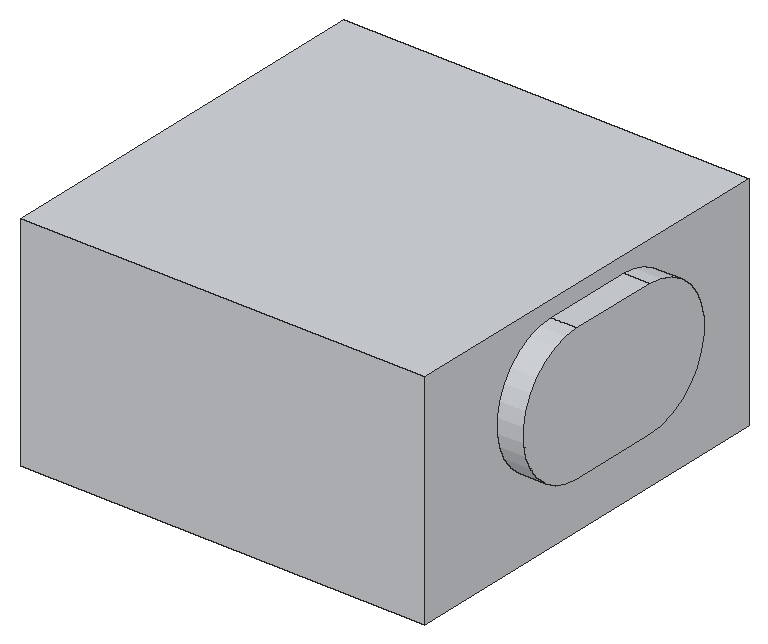
Revit family "Difusor de suprimento com Plenum- Quadrado - Linear - Entrada oval horizontal", category Terminais de ar, Revit 2019
Family settings
  Cota do conector redondo = Utilizar diâmetro
  Tipo de parte = Normal
  ID de item do Seek = Supply Diffuser - Rectangular Face Round Neck-0000-CAN-ENU
  Com base no plano de trabalho = Não
  Sempre na vertical = Sim
  Corte com vazios quando carregada = Não
  Compartilhado = Não
  Ponto de cálculo do ambiente = Não
Parameters (values of type "1050mm")
  Raio oval = Altura do duto oval / 2  # 175.0 mm
  Largura do duto oval = 585 mm
  Altura do duto oval = 350 mm
  Espaçamento da lâmina = (Largura - 75.0 mm) * 1 / 20  # 48.75 mm
  Altura = 575.0 mm
  Comprimento do macho de torneira = 70.0 mm
  Altura de conexão da torneira = 185.0 mm  # constant formula
  Queda de pressão [instance] = 0.0 Pa
  UpFlowArrow [instance] = yes
  Largura = 1050.0 mm
  RightFlowArrow [instance] = yes
  LeftFlowArrow [instance] = yes
  Fluxo [instance] = 0.0 L/s
  DownFlowArrow [instance] = yes
  Material do difusor = none
  Assembly Code = ""
Types (2, lengths in mm): name | Largura do duto oval | Espaçamento da lâmina | Largura
  775mm | 506 | 35.0 | 775.0
  1050mm | 585 | 48.75 | 1050.0
Reference planes
  plane 1 "Centro (frente/trás)": y = 0
  plane 2: z = 0
  plane 3 "Centro (direita/esquerda)": x = 0
  plane 4: x = 457.2
  plane 5: y = 457.2
  plane 6: x = -457.2
  plane 7: y = -457.2
  plane 8 "Inferior": z = 0
  plane 9 "Esquerda": x = -525
  plane 10 "Direita": x = 525
  plane 11 "Parte posterior": y = 525
  plane 12 "Parte frontal": y = -525
  plane 13 "Superior": z = 575
  plane 14 "Parte inferior da torneira oval": z = 185
  plane 15 "Torneira direita": x = 595
  plane 16 "Traseira da aba": y = 500
  plane 17 "Esquerda da aba": x = -500
  plane 18 "Direita da aba": x = 500
  plane 19 "Frente da aba": y = -500
  plane 20 "Esquerda do centro da aba": x = -12.5
  plane 21 "Direita do centro da aba": x = 12.5
  plane 22 "Traseira do centro da aba": y = 12.5
  plane 23 "Frente do centro da aba": y = -12.5
  plane 24: x = -451.25
  plane 25: x = -402.5
  plane 26: x = -353.75
  plane 27: x = -305
  plane 28: x = -256.25
  plane 29: x = -207.5
  plane 30: x = -158.75
  plane 31: x = -110
  plane 32: x = -61.25
  plane 33: x = 61.25
  plane 34: x = 110
  plane 35: x = 158.75
  plane 36: x = 207.5
  plane 37: x = 256.25
  plane 38: x = 305
  plane 39: x = 353.75
  plane 40: x = 402.5
  plane 41: x = 451.25
  plane 42: y = -61.25
  plane 43: y = -110
  plane 44: y = -158.75
  plane 45: y = -207.5
  plane 46: y = -256.25
  plane 47: y = -305
  plane 48: y = -353.75
  plane 49: y = -402.5
  plane 50: y = -451.25
  plane 51: y = 451.25
  plane 52: y = 402.5
  plane 53: y = 353.75
  plane 54: y = 305
  plane 55: y = 256.25
  plane 56: y = 207.5
  plane 57: y = 158.75
  plane 58: y = 110
  plane 59: y = 61.25
  plane 60 "Topo da torneira oval": z = 535
  plane 61 "Esquerda do duto oval": y = -292.5
  plane 62 "Direita do duto oval": y = 292.5
  plane 63: z = 360
  plane 64: y = -117.5
  plane 65: y = 117.5
Forms (mm)
  Extrusion 1, solid, material <- "Material do difusor"
    sketch origin (0, 0, 0) x (1, 0, 0) y (0, 1, 0)
      loop
        line (-525, 525) -> (-525, -525) -> (525, -525) -> (525, 525) -> (-525, 525)
    from 0 to 575
  Extrusion 2, solid, material <- "Material do difusor"
    sketch origin (525, 0, 0) x (0, 1, 0) y (0, 0, -1)
      loop
        line (-117.5, -535) -> (117.5, -535)
        arc (117.5, -535) -> (292.5, -360) -> (117.5, -185) r 175
        line (117.5, -185) -> (-117.5, -185)
        arc (-117.5, -185) -> (-292.5, -360) -> (-117.5, -535) r 175
    from 0 to -70
Lines and regions (mm)
  symbolic lines
    curve 1: line (-525, 525, 0) -> (525, 525, 0)
    curve 2: line (525, 525, 0) -> (525, -525, 0)
    curve 3: line (525, -525, 0) -> (-525, -525, 0)
    curve 4: line (-525, -525, 0) -> (-525, 525, 0)
    curve 5: line (-525, 525, 0) -> (525, -525, 0)
    curve 6: line (-525, -525, 0) -> (525, 525, 0)
  model lines
    curve 7: line (-451.25, 12.5, 0) -> (-451.25, 500, 0)
    curve 8: line (-402.5, 500, 0) -> (-402.5, 12.5, 0)
    curve 9: line (-353.75, 500, 0) -> (-353.75, 12.5, 0)
    curve 10: line (-305, 500, 0) -> (-305, 12.5, 0)
    curve 11: line (-256.25, 500, 0) -> (-256.25, 12.5, 0)
    curve 12: line (-207.5, 500, 0) -> (-207.5, 12.5, 0)
    curve 13: line (-158.75, 500, 0) -> (-158.75, 12.5, 0)
    curve 14: line (-110, 500, 0) -> (-110, 12.5, 0)
    curve 15: line (-61.25, 500, 0) -> (-61.25, 12.5, 0)
    curve 16: line (-12.5, 500, 0) -> (-12.5, 12.5, 0)
    curve 17: line (12.5, 12.5, 0) -> (500, 12.5, 0)
    curve 18: line (12.5, 61.25, 0) -> (500, 61.25, 0)
    curve 19: line (12.5, 110, 0) -> (500, 110, 0)
    curve 20: line (12.5, 158.75, 0) -> (500, 158.75, 0)
    curve 21: line (12.5, 207.5, 0) -> (500, 207.5, 0)
    curve 22: line (12.5, 256.25, 0) -> (500, 256.25, 0)
    curve 23: line (12.5, 305, 0) -> (500, 305, 0)
    curve 24: line (12.5, 353.75, 0) -> (500, 353.75, 0)
    curve 25: line (12.5, 402.5, 0) -> (500, 402.5, 0)
    curve 26: line (12.5, 451.25, 0) -> (500, 451.25, 0)
    curve 27: line (-500, 12.5, 0) -> (-500, 500, 0)
    curve 28: line (12.5, 500, 0) -> (500, 500, 0)
    curve 29: line (12.5, -500, 0) -> (12.5, -12.5, 0)
    curve 30: line (61.25, -500, 0) -> (61.25, -12.5, 0)
    curve 31: line (110, -500, 0) -> (110, -12.5, 0)
    curve 32: line (158.75, -500, 0) -> (158.75, -12.5, 0)
    curve 33: line (207.5, -500, 0) -> (207.5, -12.5, 0)
    curve 34: line (256.25, -500, 0) -> (256.25, -12.5, 0)
    curve 35: line (305, -500, 0) -> (305, -12.5, 0)
    curve 36: line (353.75, -500, 0) -> (353.75, -12.5, 0)
    curve 37: line (402.5, -500, 0) -> (402.5, -12.5, 0)
    curve 38: line (451.25, -500, 0) -> (451.25, -12.5, 0)
    curve 39: line (500, -500, 0) -> (500, -12.5, 0)
    curve 40: line (-500, -500, 0) -> (-12.5, -500, 0)
    curve 41: line (-500, -451.25, 0) -> (-12.5, -451.25, 0)
    curve 42: line (-500, -402.5, 0) -> (-12.5, -402.5, 0)
    curve 43: line (-500, -353.75, 0) -> (-12.5, -353.75, 0)
    curve 44: line (-500, -305, 0) -> (-12.5, -305, 0)
    curve 45: line (-500, -256.25, 0) -> (-12.5, -256.25, 0)
    curve 46: line (-500, -207.5, 0) -> (-12.5, -207.5, 0)
    curve 47: line (-500, -158.75, 0) -> (-12.5, -158.75, 0)
    curve 48: line (-500, -110, 0) -> (-12.5, -110, 0)
    curve 49: line (-500, -61.25, 0) -> (-12.5, -61.25, 0)
    curve 50: line (-500, -12.5, 0) -> (-12.5, -12.5, 0)
Dimensions and locks
  "Largura": nested 3 to plane 3 "Centro (direita/esquerda)"
  "Largura": nested 2 to plane 1 "Centro (frente/trás)"
  "Largura": plane 3 "Centro (direita/esquerda)" to nested 1
  "Largura": nested 4 to plane 1 "Centro (frente/trás)"
  equal spacing: plane 12 "Parte frontal", plane 1 "Centro (frente/trás)", plane 11 "Parte posterior"
  "Largura": plane 11 "Parte posterior" to plane 12 "Parte frontal"
  equal spacing: plane 9 "Esquerda", plane 3 "Centro (direita/esquerda)", plane 10 "Direita"
  "Largura": plane 9 "Esquerda" to plane 10 "Direita"
  "Comprimento do macho de torneira": plane 10 "Direita" to plane 15 "Torneira direita"
  "Altura": plane 13 "Superior" to plane 8 "Inferior"
  "Altura de conexão da torneira": plane 14 "Parte inferior da torneira oval" to plane 8 "Inferior"
  locked: plane 11 "Parte posterior" to plane 16 "Traseira da aba" at 25
  locked: plane 12 "Parte frontal" to plane 19 "Frente da aba" at 25
  locked: plane 9 "Esquerda" to plane 17 "Esquerda da aba" at 25
  locked: plane 18 "Direita da aba" to plane 10 "Direita" at 25
  equal spacing: plane 20 "Esquerda do centro da aba", plane 3 "Centro (direita/esquerda)", plane 21 "Direita do centro da aba"
  locked: plane 3 "Centro (direita/esquerda)" to plane 21 "Direita do centro da aba" at 12.5
  locked: plane 22 "Traseira do centro da aba" to nested 3 at 12.5
  equal spacing: plane 23 "Frente do centro da aba", nested 3, plane 22 "Traseira do centro da aba"
  "Espaçamento da lâmina": plane 17 "Esquerda da aba" to plane 24
  "Espaçamento da lâmina": plane 24 to plane 25
  "Espaçamento da lâmina": plane 25 to plane 26
  "Espaçamento da lâmina": plane 26 to plane 27
  "Espaçamento da lâmina": plane 27 to plane 28
  "Espaçamento da lâmina": plane 28 to plane 29
  "Espaçamento da lâmina": plane 29 to plane 30
  "Espaçamento da lâmina": plane 30 to plane 31
  "Espaçamento da lâmina": plane 31 to plane 32
  "Espaçamento da lâmina": plane 33 to plane 34
  "Espaçamento da lâmina": plane 34 to plane 35
  "Espaçamento da lâmina": plane 35 to plane 36
  "Espaçamento da lâmina": plane 36 to plane 37
  "Espaçamento da lâmina": plane 37 to plane 38
  "Espaçamento da lâmina": plane 38 to plane 39
  "Espaçamento da lâmina": plane 39 to plane 40
  "Espaçamento da lâmina": plane 40 to plane 41
  "Espaçamento da lâmina": plane 42 to plane 43
  "Espaçamento da lâmina": plane 43 to plane 44
  "Espaçamento da lâmina": plane 44 to plane 45
  "Espaçamento da lâmina": plane 45 to plane 46
  "Espaçamento da lâmina": plane 46 to plane 47
  "Espaçamento da lâmina": plane 47 to plane 48
  "Espaçamento da lâmina": plane 48 to plane 49
  "Espaçamento da lâmina": plane 49 to plane 50
  "Espaçamento da lâmina": plane 19 "Frente da aba" to plane 50
  "Espaçamento da lâmina": plane 51 to plane 52
  "Espaçamento da lâmina": plane 52 to plane 53
  "Espaçamento da lâmina": plane 53 to plane 54
  "Espaçamento da lâmina": plane 54 to plane 55
  "Espaçamento da lâmina": plane 55 to plane 56
  "Espaçamento da lâmina": plane 56 to plane 57
  "Espaçamento da lâmina": plane 57 to plane 58
  "Espaçamento da lâmina": plane 58 to plane 59
  "Espaçamento da lâmina": plane 41 to plane 18 "Direita da aba"
  "Espaçamento da lâmina": plane 51 to plane 16 "Traseira da aba"
  equal spacing: plane 61 "Esquerda do duto oval", plane 1 "Centro (frente/trás)", plane 62 "Direita do duto oval"
  "Largura do duto oval": plane 61 "Esquerda do duto oval" to plane 62 "Direita do duto oval"
  equal spacing: plane 60 "Topo da torneira oval", plane 63, plane 14 "Parte inferior da torneira oval"
  "Altura do duto oval": plane 60 "Topo da torneira oval" to plane 14 "Parte inferior da torneira oval"
  "Raio oval": plane 61 "Esquerda do duto oval" to plane 64
  "Raio oval": plane 65 to plane 62 "Direita do duto oval"
  aligned and locked: plane 3 "Centro (direita/esquerda)" to nested 2
  aligned and locked: plane 1 "Centro (frente/trás)" to nested 1
  aligned and locked: nested 4 to plane 3 "Centro (direita/esquerda)"
  aligned and locked: nested 3 to plane 1 "Centro (frente/trás)"
  aligned and locked: plane 2 to plane 8 "Inferior"
  aligned and locked: plane 13 "Superior" to Extrusion 1
  aligned and locked: Extrusion 1 sketch curve to plane 9 "Esquerda"
  aligned and locked: Extrusion 1 sketch curve to plane 11 "Parte posterior"
  aligned and locked: Extrusion 1 sketch curve to plane 12 "Parte frontal"
  aligned and locked: Extrusion 1 sketch curve to plane 10 "Direita"
  aligned and locked: Extrusion 1 to plane 13 "Superior"
  aligned and locked: Extrusion 1 to plane 8 "Inferior"
  aligned and locked: plane 16 "Traseira da aba" to curve 7
  aligned and locked: plane 22 "Traseira do centro da aba" to curve 7
  aligned and locked: curve 7 to plane 24
  aligned and locked: curve 8 to plane 25
  aligned and locked: curve 9 to plane 26
  aligned and locked: curve 10 to plane 27
  aligned and locked: curve 11 to plane 28
  aligned and locked: curve 12 to plane 29
  aligned and locked: curve 13 to plane 30
  aligned and locked: curve 14 to plane 31
  aligned and locked: curve 15 to plane 32
  aligned and locked: curve 16 to plane 20 "Esquerda do centro da aba"
  aligned and locked: plane 16 "Traseira da aba" to curve 8
  aligned and locked: plane 16 "Traseira da aba" to curve 9
  aligned and locked: plane 16 "Traseira da aba" to curve 10
  aligned and locked: plane 16 "Traseira da aba" to curve 11
  aligned and locked: plane 16 "Traseira da aba" to curve 12
  aligned and locked: plane 16 "Traseira da aba" to curve 13
  aligned and locked: plane 16 "Traseira da aba" to curve 14
  aligned and locked: plane 16 "Traseira da aba" to curve 15
  aligned and locked: plane 16 "Traseira da aba" to curve 16
  aligned and locked: plane 22 "Traseira do centro da aba" to curve 8
  aligned and locked: plane 22 "Traseira do centro da aba" to curve 9
  aligned and locked: plane 22 "Traseira do centro da aba" to curve 10
  aligned and locked: plane 22 "Traseira do centro da aba" to curve 11
  aligned and locked: plane 22 "Traseira do centro da aba" to curve 12
  aligned and locked: plane 22 "Traseira do centro da aba" to curve 13
  aligned and locked: plane 22 "Traseira do centro da aba" to curve 14
  aligned and locked: plane 22 "Traseira do centro da aba" to curve 15
  aligned and locked: plane 22 "Traseira do centro da aba" to curve 16
  aligned and locked: plane 21 "Direita do centro da aba" to curve 17
  aligned and locked: plane 21 "Direita do centro da aba" to curve 18
  aligned and locked: plane 21 "Direita do centro da aba" to curve 19
  aligned and locked: plane 21 "Direita do centro da aba" to curve 20
  aligned and locked: plane 21 "Direita do centro da aba" to curve 21
  aligned and locked: plane 21 "Direita do centro da aba" to curve 22
  aligned and locked: plane 21 "Direita do centro da aba" to curve 23
  aligned and locked: plane 21 "Direita do centro da aba" to curve 24
  aligned and locked: plane 21 "Direita do centro da aba" to curve 25
  aligned and locked: plane 21 "Direita do centro da aba" to curve 26
  aligned and locked: plane 17 "Esquerda da aba" to curve 27
  aligned and locked: plane 16 "Traseira da aba" to curve 27
  aligned and locked: plane 22 "Traseira do centro da aba" to curve 27
  aligned and locked: plane 18 "Direita da aba" to curve 17
  aligned and locked: plane 18 "Direita da aba" to curve 18
  aligned and locked: plane 18 "Direita da aba" to curve 19
  aligned and locked: plane 18 "Direita da aba" to curve 20
  aligned and locked: plane 18 "Direita da aba" to curve 21
  aligned and locked: plane 18 "Direita da aba" to curve 22
  aligned and locked: curve 23 to plane 18 "Direita da aba"
  aligned and locked: curve 24 to plane 18 "Direita da aba"
  aligned and locked: curve 25 to plane 18 "Direita da aba"
  aligned and locked: curve 26 to plane 18 "Direita da aba"
  aligned and locked: curve 17 to plane 22 "Traseira do centro da aba"
  aligned and locked: curve 18 to plane 59
  aligned and locked: curve 19 to plane 58
  aligned and locked: curve 20 to plane 57
  aligned and locked: curve 21 to plane 56
  aligned and locked: curve 22 to plane 55
  aligned and locked: curve 23 to plane 54
  aligned and locked: curve 24 to plane 53
  aligned and locked: curve 25 to plane 52
  aligned and locked: curve 26 to plane 51
  aligned and locked: plane 21 "Direita do centro da aba" to curve 28
  aligned and locked: curve 28 to plane 18 "Direita da aba"
  aligned and locked: curve 28 to plane 16 "Traseira da aba"
  aligned and locked: plane 23 "Frente do centro da aba" to curve 29
  aligned and locked: plane 23 "Frente do centro da aba" to curve 30
  aligned and locked: plane 23 "Frente do centro da aba" to curve 31
  aligned and locked: plane 23 "Frente do centro da aba" to curve 32
  aligned and locked: plane 23 "Frente do centro da aba" to curve 33
  aligned and locked: plane 23 "Frente do centro da aba" to curve 34
  aligned and locked: plane 23 "Frente do centro da aba" to curve 35
  aligned and locked: plane 23 "Frente do centro da aba" to curve 36
  aligned and locked: plane 23 "Frente do centro da aba" to curve 37
  aligned and locked: plane 23 "Frente do centro da aba" to curve 38
  aligned and locked: plane 23 "Frente do centro da aba" to curve 39
  aligned and locked: plane 19 "Frente da aba" to curve 29
  aligned and locked: plane 19 "Frente da aba" to curve 30
  aligned and locked: plane 19 "Frente da aba" to curve 31
  aligned and locked: plane 19 "Frente da aba" to curve 32
  aligned and locked: plane 19 "Frente da aba" to curve 33
  aligned and locked: plane 19 "Frente da aba" to curve 34
  aligned and locked: plane 19 "Frente da aba" to curve 35
  aligned and locked: plane 19 "Frente da aba" to curve 36
  aligned and locked: plane 19 "Frente da aba" to curve 37
  aligned and locked: plane 19 "Frente da aba" to curve 38
  aligned and locked: plane 19 "Frente da aba" to curve 39
  aligned and locked: curve 29 to plane 21 "Direita do centro da aba"
  aligned and locked: curve 30 to plane 33
  aligned and locked: curve 31 to plane 34
  aligned and locked: curve 32 to plane 35
  aligned and locked: curve 33 to plane 36
  aligned and locked: curve 34 to plane 37
  aligned and locked: curve 35 to plane 38
  aligned and locked: curve 36 to plane 39
  aligned and locked: curve 37 to plane 40
  aligned and locked: curve 38 to plane 41
  aligned and locked: curve 39 to plane 18 "Direita da aba"
  aligned and locked: curve 40 to plane 17 "Esquerda da aba"
  aligned and locked: curve 41 to plane 17 "Esquerda da aba"
  aligned and locked: curve 42 to plane 17 "Esquerda da aba"
  aligned and locked: curve 43 to plane 17 "Esquerda da aba"
  aligned and locked: curve 44 to plane 17 "Esquerda da aba"
  aligned and locked: curve 45 to plane 17 "Esquerda da aba"
  aligned and locked: plane 17 "Esquerda da aba" to curve 46
  aligned and locked: plane 17 "Esquerda da aba" to curve 47
  aligned and locked: plane 17 "Esquerda da aba" to curve 48
  aligned and locked: plane 17 "Esquerda da aba" to curve 49
  aligned and locked: plane 17 "Esquerda da aba" to curve 50
  aligned and locked: curve 40 to plane 20 "Esquerda do centro da aba"
  aligned and locked: curve 41 to plane 20 "Esquerda do centro da aba"
  aligned and locked: curve 42 to plane 20 "Esquerda do centro da aba"
  aligned and locked: curve 43 to plane 20 "Esquerda do centro da aba"
  aligned and locked: curve 44 to plane 20 "Esquerda do centro da aba"
  aligned and locked: curve 45 to plane 20 "Esquerda do centro da aba"
  aligned and locked: plane 20 "Esquerda do centro da aba" to curve 46
  aligned and locked: plane 20 "Esquerda do centro da aba" to curve 47
  aligned and locked: plane 20 "Esquerda do centro da aba" to curve 48
  aligned and locked: plane 20 "Esquerda do centro da aba" to curve 49
  aligned and locked: plane 20 "Esquerda do centro da aba" to curve 50
  aligned and locked: curve 40 to plane 19 "Frente da aba"
  aligned and locked: curve 41 to plane 50
  aligned and locked: curve 42 to plane 49
  aligned and locked: curve 43 to plane 48
  aligned and locked: curve 44 to plane 47
  aligned and locked: curve 45 to plane 46
  aligned and locked: curve 46 to plane 45
  aligned and locked: curve 47 to plane 44
  aligned and locked: curve 48 to plane 43
  aligned and locked: curve 49 to plane 42
  aligned and locked: curve 50 to plane 23 "Frente do centro da aba"
  aligned and locked: Extrusion 2 sketch curve to plane 14 "Parte inferior da torneira oval"
  aligned and locked: plane 64 to Extrusion 2 sketch curve  (x3)
  aligned and locked: plane 63 to Extrusion 2 sketch curve  (x2)
  aligned and locked: plane 65 to Extrusion 2 sketch curve  (x3)
  aligned and locked: Extrusion 2 to plane 10 "Direita"
  aligned and locked: plane 15 "Torneira direita" to Extrusion 2
Automatic sketch dimensions
  curve 1 to plane 9 "Esquerda" = 0.0 mm
  curve 2 to plane 10 "Direita" = 0.0 mm
  plane 12 "Parte frontal" to curve 4 = 0.0 mm
  curve 4 to plane 11 "Parte posterior" = 0.0 mm
Nested families
  nested 1: "Seta do terminal do duto" at (1050, 0, 0), visible <- "RightFlowArrow", type "Seta do terminal do duto"
  nested 2: "Seta do terminal do duto" at (0, 1050, 0) x (0, 1, 0) z (0, 0, 1), visible <- "UpFlowArrow", type "Seta do terminal do duto"
  nested 3: "Seta do terminal do duto" at (-1050, 0, 0) x (-1, 0, 0) z (0, 0, 1), visible <- "LeftFlowArrow", type "Seta do terminal do duto"
  nested 4: "Seta do terminal do duto" at (0, -1050, 0) x (0, -1, 0) z (0, 0, 1), visible <- "DownFlowArrow", type "Seta do terminal do duto"
Connectors
  hvac at (595, 0, 360), driven by "Queda de pressão", driven by "Fluxo", driven by "Altura do duto oval", driven by "Largura do duto oval"
    settings: on Extrusion 2, index 2, duct flow 0.0 L/s, flow factor 0, pres drop 0.0 Pa, loss coef 0, conn angle 0.00°, conn width 585 mm, conn height 350 mm, conn diameter 609.6 mm, duct sys type 1, conn prof type 2, flow config 1, flow direction 1, loss method 4, conn ref index -1, conn util no, is conn primary yes, conn desc "Entrada de ar"
Definition of nested family "Seta do terminal do duto"
  Parameters
    Largura = 600.0 mm
    Visibilidade 1 = yes
    Visibilidade 2 = no
    Comprimento 4 = (Meio comprimento 1 - Comprimento 5 * sin(20.00°) * 4) / 2  # 70.515 mm
    Comprimento 5 = Comprimento 2 * tan(20.00°)  # 116.199 mm
    Comprimento 3 = Comprimento 2 * 0.5  # 159.627 mm
    Comprimento 2 = Meio comprimento 1 / cos(20.00°)  # 319.253 mm
    Comprimento 1 = if(Altura > Largura, Altura, Largura)  # 600.0 mm
    Altura = 600.0 mm
    Meio comprimento 1 = Comprimento 1 * 0.5  # 300.0 mm
    Assembly Code = ""
  Reference planes
    plane 1 "Centro (Frente/Trás)": y = 0
    plane 2: z = 0
    plane 3 "Centro (Esquerda/Direita)": x = 0
  Lines and regions (mm)
    Filled region 1, type "Tijolo", in view "Nível de referência", visible <- "Visibilidade 1"
      outline origin (0, 0, 0) x (1, 0, 0) y (0, 1, 0)
        loop
          line (600, 0) -> (300, 109.191) -> (300, -109.191) -> (600, 0)
    Filled region 2, type "Preenchimento sólido - Preto", in view "Nível de referência", visible <- "Visibilidade 2"
      outline origin (0, 0, 0) x (1, 0, 0) y (0, 1, 0)
        loop
          line (-300, 109.191) -> (-300, -109.191) -> (0, 0) -> (-300, 109.191)
    detail lines, in view "Nível de referência", visible <- "Visibilidade 1"
      curve 1: line (0, 0, 0) -> (600, 0, 0)
      curve 2: line (600, 0, 0) -> (300, 109.191, 0)
      curve 3: line (600, 0, 0) -> (300, -109.191, 0)
      curve 4: line (300, 109.191, 0) -> (300, -109.191, 0)
    detail lines, in view "Nível de referência", visible <- "Visibilidade 2"
      curve 5: line (-300, 0, 0) -> (0, 0, 0)
      curve 6: line (0, 0, 0) -> (-300, 109.191, 0)
      curve 7: line (0, 0, 0) -> (-300, -109.191, 0)
      curve 8: line (-300, 109.191, 0) -> (-300, -109.191, 0)
      curve 9: line (-300, 0, 0) -> (-370.515, 0, 0)
      curve 10: line (-370.515, 0, 0) -> (-410.258, 109.191, 0)
      curve 11: line (-450, 0, 0) -> (-410.258, 109.191, 0)
      curve 12: line (-450, 0, 0) -> (-489.742, -109.191, 0)
      curve 13: line (-529.485, 0, 0) -> (-489.742, -109.191, 0)
      curve 14: line (-529.485, 0, 0) -> (-600, 0, 0)
  Dimensions and locks
    "Comprimento 1": curve 1 to curve 1
    "Comprimento 2": curve 2 to curve 2
    "Comprimento 2": curve 3 to curve 3
    "Meio comprimento 1": curve 5 to curve 5
    "Comprimento 2": curve 6 to curve 6
    "Comprimento 2": curve 7 to curve 7
    "Comprimento 4": curve 9 to curve 9
    "Comprimento 5": curve 10 to curve 10
    "Comprimento 5": curve 11 to curve 11
    "Comprimento 5": curve 12 to curve 12
    "Comprimento 5": curve 13 to curve 13
    "Comprimento 4": curve 14 to curve 14
    locked: curve 2 to curve 1 (angle 20.00°)
    locked: curve 6 to curve 5 (angle 20.00°)
    locked: curve 9 to curve 10 (angle 110.00°)
    locked: curve 11 to curve 12 (angle 180.00°)
    aligned and locked: plane 1 "Centro (Frente/Trás)" to curve 1
    aligned and locked: Filled region 1 sketch curve to curve 2
    aligned and locked: Filled region 1 sketch curve to curve 3
    aligned and locked: Filled region 1 sketch curve to curve 4
    aligned and locked: plane 1 "Centro (Frente/Trás)" to curve 5
    aligned and locked: plane 3 "Centro (Esquerda/Direita)" to curve 5
    aligned and locked: Filled region 2 sketch curve to curve 8
    aligned and locked: Filled region 2 sketch curve to curve 6
    aligned and locked: Filled region 2 sketch curve to curve 7
    aligned and locked: curve 14 to plane 1 "Centro (Frente/Trás)"
  Automatic sketch dimensions
    plane 1 "Centro (Frente/Trás)" to curve 12 = 0.0 mm
